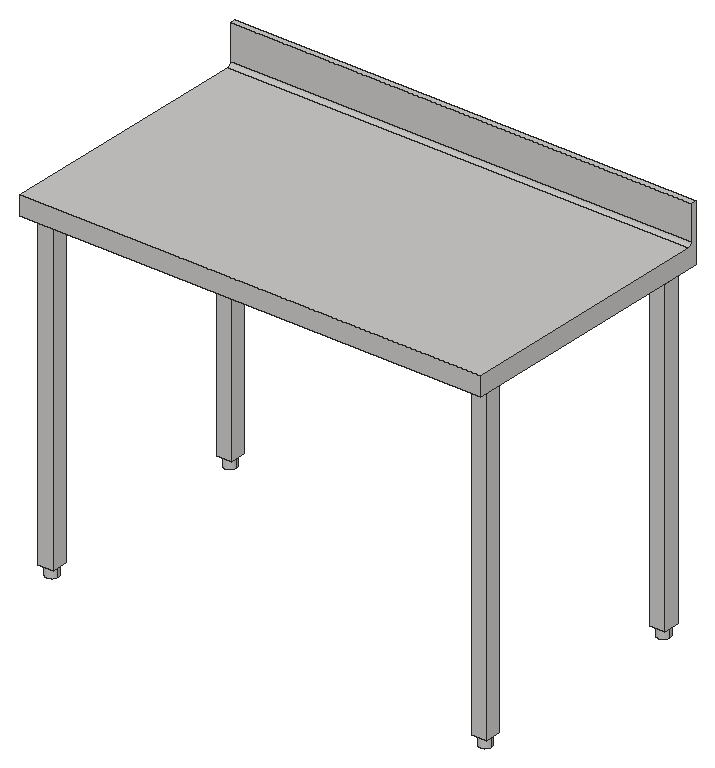
Revit family "QF_ZANUSSI_132846_WTD1217N", category Attrezzature speciali, Revit 2020
Family settings
  Quota connettore circolare = Usa diametro
  Tipo di parte = Normale
  Basato su piano di lavoro = No
  Sempre verticale = Sì
  Taglio con vuoti quando caricato = No
  Condiviso = No
  Punto di calcolo locali = No
Parameters (values of type "Standard")
  Weight = 43.00 kg
  Watts = 0 W
  Volts = 0 V
  URL Manufacturer = "http://www.zanussiprofessional.com"
  URL = "http://www.zanussiprofessional.com"
  Steam Supply Size = 0 mm
  Steam Supply Minimum Pressure = 0.0 Pa
  Steam Supply Maximum Pressure = 0.0 Pa
  Steam Consumption per Hour = 0
  Refrigeration Suction Line Size = 0.0 mm
  Refrigeration Liquid Line Size = 0.0 mm
  Refrigerant Compressor Remote = yes
  Prospetto di default = 0.0 mm
  Produttore = "Zanussi"
  Phase = 0
  Modello = "WTD1217N"
  Length Actual = 1200.0 mm  # constant formula
  Item Number = "132846"
  Hot Water Size = 0 mm
  Height Actual = 900.0 mm  # constant formula
  HP = "0 HP"
  Gas Size = 0 mm
  Gas KW = 0
  Gas Input Pressure = 0 W
  Direct Waste Size = 0 mm
  Descrizione = "WORK TABLE+UPSTAND-DISASSEMBLED 1200MM"
  Depth Actual = 700.0 mm  # constant formula
  Cycle = 0 Hz
  Condensate Return Size = 0 mm
  Compressed Air Volume = 0.0 L/s
  Compressed Air Size = 0 mm
  Compressed Air Pressure = 0.0 Pa
  Cold Water Size = 0 mm
  Accessory = yes
Reference planes
  plane 1 "Center (Front/Back)": y = 0
  plane 2: z = 0
  plane 3 "Center (Left/Right)": x = -100
  plane 4 "LEFT": x = -700
  plane 5 "RIGHT": x = 500
  plane 6 "BACK": y = 350
  plane 7 "FRONT": y = -350
  plane 8 "Base": z = 850
  plane 9 "TOP": z = 900
  plane 10: x = -664.5
  plane 11: x = 464.5
  plane 12: y = 290
  plane 13: y = -290
Forms (mm)
  Extrusion 1, solid, material "QF_Finishes_Stainless Steel"
    sketch origin (-100, 0, 0) x (0, 1, 0) y (0, 0, 1)
      loop
        line (-350, 850) -> (350, 850) -> (350, 1000) -> (337, 1000) -> (337, 910)
        arc (337, 910) -> (334.071, 902.929) -> (327, 900) r 10
        line (327, 900) -> (-350, 900) -> (-350, 850)
    from 600 to -600
Lines and regions (mm)
  symbolic lines
    curve 1: line (500, 350, 900) -> (-700, 350, 900)
    curve 2: line (-700, 350, 900) -> (-700, -350, 900)
    curve 3: line (-700, -350, 900) -> (500, -350, 900)
    curve 4: line (500, -350, 900) -> (500, 350, 900)
    curve 5: line (500, 337, 900) -> (-700, 337, 900)
Dimensions and locks
  plane 4 "LEFT" to plane 5 "RIGHT" = 1200.0 mm
  equal spacing: plane 4 "LEFT", plane 3 "Center (Left/Right)", plane 5 "RIGHT"
  locked: plane 8 "Base" to level at 850
  plane 4 "LEFT" to plane 10 = 35.5 mm
  plane 11 to plane 5 "RIGHT" = 35.5 mm
  plane 10 to plane 11 = 1129.0 mm
  locked: Extrusion 1 to level at 1000
  plane 9 "TOP" to level = 900.0 mm
  plane 6 "BACK" to plane 12 = 60.0 mm
  plane 13 to plane 7 "FRONT" = 60.0 mm
  plane 6 "BACK" to plane 7 "FRONT" = 700.0 mm
  plane 12 to plane 13 = 580.0 mm
  equal spacing: plane 6 "BACK", plane 1 "Center (Front/Back)", plane 7 "FRONT"
  aligned and locked: level to plane 2
  aligned and locked: plane 10 to nested 1
  aligned and locked: nested 1 to plane 13
  aligned and locked: plane 11 to nested 2
  aligned and locked: nested 2 to plane 13
  aligned and locked: plane 11 to nested 4
  aligned and locked: nested 4 to plane 12
  aligned and locked: plane 10 to nested 3
  aligned and locked: nested 3 to plane 12
  aligned and locked: Extrusion 1 to plane 4 "LEFT"
  aligned and locked: plane 5 "RIGHT" to Extrusion 1
  aligned and locked: curve 2 to plane 4 "LEFT"
Automatic sketch dimensions
  Extrusion 1 sketch curve to plane 7 "FRONT" = 0.0 mm
  Extrusion 1 sketch curve to plane 9 "TOP" = 0.0 mm
  Extrusion 1 sketch curve to plane 6 "BACK" = 0.0 mm
  Extrusion 1 sketch curve to plane 8 "Base" = 0.0 mm
  plane 9 "TOP" to Extrusion 1 sketch curve = 10.0 mm
  Extrusion 1 sketch curve to plane 6 "BACK" = 13.0 mm
  Extrusion 1 sketch curve to Extrusion 1 sketch curve = 90.0 mm
  curve 3 to plane 7 "FRONT" = 0.0 mm
  curve 5 to plane 5 "RIGHT" = 0.0 mm
  curve 4 to plane 6 "BACK" = 0.0 mm
  curve 5 to plane 6 "BACK" = 13.0 mm
Nested families
  nested 1: "FEET_40x40" at (-664.5, -290, 0), type "FEET_40x40"
  nested 2: "FEET_40x40" at (464.5, -290, 0), type "FEET_40x40"
  nested 3: "FEET_40x40" at (-664.5, 290, 0), type "FEET_40x40"
  nested 4: "FEET_40x40" at (464.5, 290, 0), type "FEET_40x40"
Definition of nested family "FEET_40x40"
  Parameters
    Default Elevation = 0.0 mm
    FEET = 850.0 mm
  Reference planes
    plane 1 "Center (Front/Back)": y = 0
    plane 2: z = 0
    plane 3 "Center (Left/Right)": x = 0
    plane 4: z = 850
  Forms (mm)
    Extrusion 1, solid
      sketch origin (0, 0, 0) x (1, 0, 0) y (0, 1, 0)
        loop
          line (-20, -20) -> (20, -20) -> (20, 20) -> (-20, 20) -> (-20, -20)
      from 25 to 845
    Extrusion 2, solid
      sketch origin (0, 0, 0) x (1, 0, 0) y (0, 1, 0)
        loop
          circle (0, 0) r 16
      from 0 to 25
    Extrusion 3, solid
      sketch origin (0, 0, 0) x (1, 0, 0) y (0, 1, 0)
        loop
          line (30, 30) -> (-30, 30) -> (-30, -30) -> (30, -30) -> (30, 30)
      from 845 to 850
  Lines and regions (mm)
    symbolic lines
      curve 1: line (0, -1.503, 0) -> (0, 1.508, 0)
      curve 2: line (1.561, 0, 0) -> (-1.439, 0, 0)
  Dimensions and locks
    "FEET": plane 4 to plane 2
    aligned and locked: level to plane 2
  Automatic sketch dimensions
    Extrusion 1 sketch curve to plane 3 "Center (Left/Right)" = 20.0 mm
    plane 3 "Center (Left/Right)" to Extrusion 1 sketch curve = 20.0 mm
    plane 1 "Center (Front/Back)" to Extrusion 1 sketch curve = 20.0 mm
    Extrusion 1 sketch curve to plane 1 "Center (Front/Back)" = 20.0 mm
    plane 1 "Center (Front/Back)" to Extrusion 2 sketch curve = 0.0 mm
    Extrusion 2 sketch curve to plane 3 "Center (Left/Right)" = 0.0 mm
    plane 3 "Center (Left/Right)" to Extrusion 3 sketch curve = 30.0 mm
    Extrusion 3 sketch curve to plane 1 "Center (Front/Back)" = 30.0 mm
    Extrusion 3 sketch curve to plane 3 "Center (Left/Right)" = 30.0 mm
    plane 1 "Center (Front/Back)" to Extrusion 3 sketch curve = 30.0 mm
    plane 1 "Center (Front/Back)" to curve 2 = 0.0 mm
    curve 1 to plane 3 "Center (Left/Right)" = 0.0 mm
    curve 2 to plane 3 "Center (Left/Right)" = 1.439 mm
    plane 3 "Center (Left/Right)" to curve 2 = 1.561 mm
    plane 1 "Center (Front/Back)" to curve 1 = 1.503 mm
    curve 1 to plane 1 "Center (Front/Back)" = 1.508 mm
    radius of Extrusion 2 sketch curve = 16.0 mm
